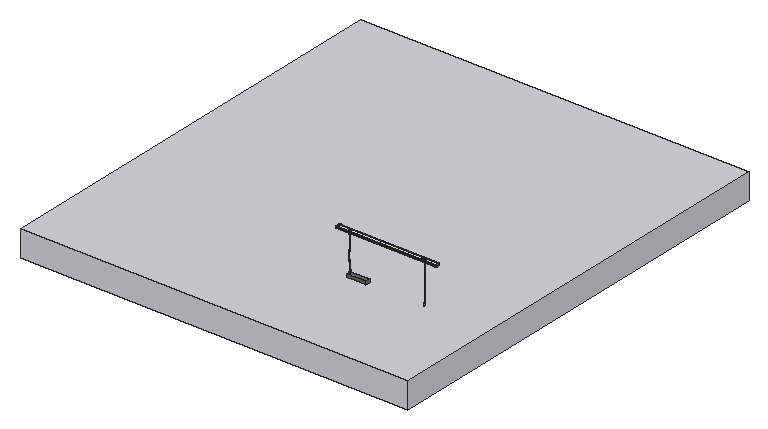
Revit family "ARKOSLIGHT_Divi direct initial & end", category Luminarias, Revit 2019
Family settings
  Anfitrión = Cara
  Cota de conector redondo = Diámetro de uso
  Tipo de pieza = Normal
  Corte con vacíos al cargar = No
  Origen de luz = No
  Compartido = No
  Punto de cálculo de habitación = No
Parameters (values of type "A5380111NT - DIVI DIRECT INITIAL & END 3000K NT")
  User cable length [instance] = 500 mm
  URL = "https://www.arkoslight.com/en/products/divi/?child=dividir"
  Modelo = ARKOSLIGHT_Model  # "DIVI"
  Fabricante = "ARKOSLIGHT"  # constant formula
  IES = IES : A5380111NT - DIVI DIRECT INITIAL & END 3000K NT
  Description = ""
  Cable length [instance] = if(User cable length > 2000 mm, 2000 mm, if(User cable length < 200 mm, 200 mm, User cable length))  # 500 mm
  ARKOSLIGHT_IP = "20"
  ARKOSLIGHT_Series = "DIVI DIRECT MODULE"  # constant formula
  ARKOSLIGHT_Dimming = "No Dim / DALI / Push"
  ARKOSLIGHT_Model = "DIVI"  # constant formula
  ARKOSLIGHT_Reference = "A5380111NT"
  ARKOSLIGHT_Luminous flux = 1650 lm
  ARKOSLIGHT_IES = "A538-01-1-1-NT DIVI DIRECT INITIAL - END 3000K CRI90.ies"
  ARKOSLIGHT_Color = "Textured black"
  ARKOSLIGHT_Canopy accessories [instance] = ARKOSLIGHT_Surface DALI Box 48V : A5380022NT - SURFACE DALI BOX 48V NT
  ARKOSLIGHT_Cable_Electric_Color = ARKOSLIGHT_Black
  ARKOSLIGHT_Cable_Color = ARKOSLIGHT_Black
  ARKOSLIGHT_Fixture Type = "CUSTOM SYSTEMS"  # constant formula
  ARKOSLIGHT_Efficiency = "51%"
  ARKOSLIGHT_CCT = 3000 K
  ARKOSLIGHT_CRI = "CRI>90"
  ARKOSLIGHT_Body_Secondary_Color = ARKOSLIGHT_Black
  ARKOSLIGHT_Beam Angle = 115.00°
  ARKOSLIGHT_Body_Color = ARKOSLIGHT_Textured black
  Default Elevation = 0 mm
  Carga aparente = ARKOSLIGHT_Apparent Load  # 13.5 VA
  ARKOSLIGHT_Apparent Load = 13.5 VA
Types (2, lengths in mm): name | IES | ARKOSLIGHT_Reference | ARKOSLIGHT_IES | ARKOSLIGHT_Color | ARKOSLIGHT_Canopy accessories | ARKOSLIGHT_Cable_Electric_Color | ARKOSLIGHT_Cable_Color | ARKOSLIGHT_Efficiency | ARKOSLIGHT_Body_Secondary_Color | ARKOSLIGHT_Body_Color
  A5380111NT - DIVI DIRECT INITIAL & END 3000K NT | IES : A5380111NT - DIVI DIRECT INITIAL & END 3000K NT | "A5380111NT" | "A538-01-1-1-NT DIVI DIRECT INITIAL - END 3000K CRI90.ies" | "Textured black" | ARKOSLIGHT_Surface DALI Box 48V : A5380022NT - SURFACE DALI BOX 48V NT | ARKOSLIGHT_Black | ARKOSLIGHT_Black | "51%" | ARKOSLIGHT_Black | ARKOSLIGHT_Textured black
  A5380111WT - DIVI DIRECT INITIAL & END 3000K WT | IES : A5380111WT - DIVI DIRECT INITIAL & END 3000K WT | "A5380111WT" | "A538-01-1-1-WT DIVI DIRECT INITIAL - END 3000K CRI90.ies" | "Textured white" | ARKOSLIGHT_Surface Remote Feed Kit 48V : A5380011NT - SURFACE REMOTE FEED KIT 48V NT | ARKOSLIGHT_Steel | ARKOSLIGHT_White | "58%" | ARKOSLIGHT_White | ARKOSLIGHT_Textured white
Reference planes
  plane 1 "Center (Front/Back)": y = 0
  plane 2: z = 0
  plane 3 "Center (Left/Right)": x = 0
  plane 4: x = 600
  plane 5: x = -600
  plane 6 "Bottom": z = 500
  plane 7: z = 467.929
  plane 8 "Right connector": x = 448
  plane 9 "Left connector": x = -448
  plane 10: x = -592.835
  plane 11: x = -599.5
  plane 12: x = -597.55
  plane 13: x = 592.8
  plane 14: x = 597.5
  plane 15: x = 599.5
  plane 16: y = 21.9
  plane 17: y = -21.9
  plane 18: x = -594.47
  plane 19: x = 594.47
  plane 20: z = 17.7
Forms (mm)
  Extrusion 1, solid
    sketch origin (0, 0, 0) x (1, 0, 0) y (0, 1, 0)
      loop
        line (-3414.25, 3876) -> (-3414.25, -1219.2) -> (1219.2, -1219.2) -> (1219.2, 3876) -> (-3414.25, 3876)
    from 0 to -304.8
  Sweep 2, solid, material "ARKOSLIGHT_Black" <- "ARKOSLIGHT_Cable_Electric_Color"
    path origin (402.809, 0, 0) x (1, 0, 0) y (0, 0, 1)
      loop
        spline (-850.809, 467.929) -> (-853.176, 423.151) -> (-849.806, 382.745) -> (-847.387, 355.351) -> (-849.616, 322.272) -> (-855.601, 280.078) -> (-861.892, 237.535) -> (-862.872, 200.523) -> (-856.682, 170.222) -> (-853.378, 137.064) -> (-852.302, 99.062) -> (-845.622, 64.428) -> (-850.809, 17.7)
    profile origin (-459.083, 0, 237.535) x (0.993472, 0, -0.114076) y (0, -1, 0)
      loop
        circle (0, 0) r 1.4
  Revolve 3, solid, material "ARKOSLIGHT_Textured black" <- "ARKOSLIGHT_Body_Color"
    sketch origin (-249.517, 0, 1966) x (1, 0, 0) y (0, 0, -1)
      loop
        line (698.717, 1940.969) -> (702.427, 1940.969) -> (702.427, 1966) -> (697.517, 1966) -> (697.517, 1936.471) -> (698.717, 1936.471) -> (698.717, 1940.969)
      axis (697.517, 1936.471) -> (697.517, 1966)
    angle from 0 to 360
  Revolve 4, solid, material "ARKOSLIGHT_Textured black" <- "ARKOSLIGHT_Body_Color"
    sketch origin (-1126.217, 0, 1966) x (1, 0, 0) y (0, 0, -1)
      loop
        line (678.217, 1496.269) -> (681.935, 1496.269) -> (681.935, 1497.937) -> (683.207, 1497.937) -> (683.207, 1510.49) -> (678.217, 1510.49) -> (678.217, 1496.269)
      axis (678.217, 1496.269) -> (678.217, 1510.49)
    angle from 0 to 360
  Extrusion 5, solid, material "ARKOSLIGHT_Textured black" <- "ARKOSLIGHT_Body_Color"
    sketch origin (-600, -221.408, 1219.2) x (0, -1, 0) y (0, 0, -1)
      loop
        line (-199.508, 719.2) -> (-199.508, 729.371)
        arc (-199.508, 729.371) -> (-221.408, 751.271) -> (-243.308, 729.371) r 21.9
        line (-243.308, 729.371) -> (-243.308, 719.2) -> (-241.808, 719.2) -> (-241.808, 729.371)
        arc (-241.808, 729.371) -> (-221.408, 749.771) -> (-201.008, 729.371) r 20.4
        line (-201.008, 729.371) -> (-201.008, 719.2) -> (-199.508, 719.2)
    from 0 to 1200
  Extrusion 6, solid, material "ARKOSLIGHT_Black" <- "ARKOSLIGHT_Body_Secondary_Color"
    sketch origin (-599.5, -221.408, 1219.2) x (0, -1, 0) y (0, 0, -1)
      loop
        line (-201.308, 719.2) -> (-201.308, 729.371)
        arc (-201.308, 729.371) -> (-221.408, 749.471) -> (-241.508, 729.371) r 20.1
        line (-241.508, 729.371) -> (-241.508, 719.2) -> (-201.308, 719.2)
    from 0 to 1.95
  Extrusion 7, solid, material "ARKOSLIGHT_Black" <- "ARKOSLIGHT_Body_Secondary_Color"
    sketch origin (-599.5, -221.408, 1219.2) x (0, -1, 0) y (0, 0, -1)
      loop
        line (-201.318, 719.2) -> (-201.318, 720.552) -> (-241.497, 720.552) -> (-241.497, 719.2) -> (-201.318, 719.2)
    from 0 to 6.665
  Extrusion 8, solid, material "ARKOSLIGHT_Black" <- "ARKOSLIGHT_Body_Secondary_Color"
    sketch origin (599.5, -221.408, 1219.2) x (0, -1, 0) y (0, 0, 1)
      loop
        line (-201.308, -719.2) -> (-241.508, -719.2) -> (-241.508, -729.371)
        arc (-241.508, -729.371) -> (-221.408, -749.471) -> (-201.308, -729.371) r 20.1
        line (-201.308, -729.371) -> (-201.308, -719.2)
    from 0 to 2
  Extrusion 9, solid, material "ARKOSLIGHT_Black" <- "ARKOSLIGHT_Body_Secondary_Color"
    sketch origin (599.5, -221.408, 1219.2) x (0, -1, 0) y (0, 0, 1)
      loop
        line (-201.318, -719.2) -> (-241.497, -719.2) -> (-241.497, -720.552) -> (-201.318, -720.552) -> (-201.318, -719.2)
    from 0 to 6.7
  Extrusion 10, solid, material "ARKOSLIGHT_Light"
    sketch origin (-594.47, -221.408, 1219.2) x (0, -1, 0) y (0, 0, -1)
      loop
        line (-241.497, 720.787) -> (-201.012, 720.787) -> (-201.012, 722.287) -> (-241.497, 722.287) -> (-241.497, 720.787)
    from 0 to 1188.94
  Revolve 11, void
    sketch origin (0, 0, 0) x (1, 0, 0) y (0, 0, 1)
      loop
        line (448, 496.913) -> (460.4, 496.913) -> (460.394, 498.413) -> (448, 498.413) -> (448, 496.913)
      axis (448, 496.913) -> (448, 498.413)
    angle from 0 to 360
  Revolve 12, solid, material "ARKOSLIGHT_White"
    sketch origin (0, 0, 0) x (1, 0, 0) y (0, 0, 1)
      loop
        line (448, 493.02) -> (448, 484.52) -> (461.53, 484.52) -> (461.53, 496.97) -> (458.537, 496.97) -> (458.537, 498.47) -> (457.589, 498.47) -> (457.589, 486.97) -> (453.978, 486.97) -> (453.978, 493.02) -> (448, 493.02)
      axis (448, 484.52) -> (448, 498.47)
    angle from 0 to 360
  Extrusion 13, solid, material "ARKOSLIGHT_Black" <- "ARKOSLIGHT_Cable_Color"
    sketch origin (0, 0, 0) x (1, 0, 0) y (0, 1, 0)
      loop
        circle (448, 0) r 0.3
    from 29.529 to 467.929
  Revolve 14, void
    sketch origin (-896, 0, 0) x (1, 0, 0) y (0, 0, 1)
      loop
        line (448, 496.913) -> (460.4, 496.913) -> (460.4, 498.413) -> (448, 498.413) -> (448, 496.913)
      axis (448, 496.913) -> (448, 498.413)
    angle from 0 to 360
  Revolve 15, solid, material "ARKOSLIGHT_White"
    sketch origin (-896, 0, 0) x (1, 0, 0) y (0, 0, 1)
      loop
        line (448, 493.02) -> (448, 484.52) -> (461.53, 484.52) -> (461.53, 496.97) -> (458.537, 496.97) -> (458.537, 498.47) -> (457.589, 498.47) -> (457.589, 486.97) -> (453.978, 486.97) -> (453.978, 493.02) -> (448, 493.02)
      axis (448, 484.52) -> (448, 498.47)
    angle from 0 to 360
Cuts and joins
  joined: Extrusion 6, Extrusion 7
  Revolve 11, Revolve 14 cuts Extrusion 10
  joined: Extrusion 8, Extrusion 9
Lines and regions (mm)
  symbolic lines, style "LightingFixturesHiddenLines"
    curve 1: line (435.631, 0, 500) -> (460.322, 0, 500)
    curve 2: line (448, -12.369, 500) -> (448, 12.316, 500)
Dimensions and locks
  locked: plane 5 to plane 4 at 1200
  "Cable length": plane 6 "Bottom" to plane 2
  equal spacing: plane 5, plane 3 "Center (Left/Right)", plane 4
  locked: plane 6 "Bottom" to plane 7 at 32.071
  locked: plane 5 to plane 11 at 0.5
  locked: plane 5 to plane 12 at 2.45
  locked: plane 5 to plane 10 at 7.165
  locked: plane 15 to plane 4 at 0.5
  locked: plane 14 to plane 4 at 2.5
  locked: plane 13 to plane 4 at 7.2
  locked: Revolve 3 sketch curve to plane 2 at 25.031
  locked: Revolve 3 sketch curve to plane 2 at 29.529
  locked: plane 8 "Right connector" to Revolve 3 sketch curve at 1.2
  locked: plane 8 "Right connector" to Revolve 3 sketch curve at 4.91
  equal spacing: plane 17, plane 1 "Center (Front/Back)", plane 16
  locked: plane 16 to plane 17 at 43.8
  locked: plane 17 to Extrusion 5 sketch curve at 1.5
  locked: Extrusion 5 sketch curve to plane 16 at 1.5
  locked: Extrusion 6 sketch curve to plane 16 at 1.8
  locked: plane 17 to Extrusion 6 sketch curve at 1.8
  locked: Extrusion 7 sketch curve to plane 17 at 1.81
  locked: plane 16 to Extrusion 7 sketch curve at 1.81
  locked: plane 6 "Bottom" to Extrusion 7 sketch curve at 1.352
  locked: plane 6 "Bottom" to Extrusion 9 sketch curve at 1.352
  locked: plane 16 to Extrusion 9 sketch curve at 1.81
  locked: Extrusion 9 sketch curve to plane 17 at 1.81
  locked: plane 16 to Extrusion 8 sketch curve at 1.8
  locked: Extrusion 8 sketch curve to plane 17 at 1.8
  locked: Extrusion 10 sketch curve to plane 17 at 1.505
  locked: plane 16 to Extrusion 10 sketch curve at 1.81
  locked: plane 6 "Bottom" to Extrusion 10 sketch curve at 1.587
  locked: plane 6 "Bottom" to Extrusion 10 sketch curve at 3.087
  locked: plane 5 to plane 18 at 5.53
  locked: plane 19 to plane 4 at 5.53
  locked: Extrusion 13 to plane 2 at 29.529
  locked: Revolve 4 sketch curve to plane 7 at 1.801
  locked: Revolve 4 sketch curve to Revolve 4 sketch curve at 4.99
  locked: Revolve 4 sketch curve to Revolve 4 sketch curve at 3.718
  locked: plane 7 to Revolve 4 sketch curve at 12.419
  locked: plane 20 to plane 2 at 17.7
  locked: plane 9 "Left connector" to plane 8 "Right connector" at 896
  equal spacing: plane 9 "Left connector", plane 3 "Center (Left/Right)", plane 8 "Right connector"
  locked: Revolve 14 sketch curve to plane 9 "Left connector" at 12.4
  locked: Revolve 15 sketch curve to plane 9 "Left connector" at 13.53
  locked: Revolve 15 sketch curve to plane 9 "Left connector" at 5.978
  locked: Revolve 15 sketch curve to plane 9 "Left connector" at 9.589
  locked: Revolve 15 sketch curve to plane 9 "Left connector" at 10.537
  aligned and locked: plane 2 to Extrusion 1
  aligned and locked: level to Extrusion 1
  aligned and locked: plane 7 to Sweep 2 sketch curve
  aligned and locked: plane 8 "Right connector" to Revolve 3 sketch curve
  aligned and locked: Revolve 3 sketch curve to plane 8 "Right connector"
  aligned and locked: Revolve 4 sketch curve to Revolve 4 sketch curve
  aligned and locked: plane 17 to Extrusion 5 sketch curve
  aligned and locked: Extrusion 5 sketch curve to plane 16
  aligned and locked: Extrusion 5 sketch curve to plane 6 "Bottom"  (x2)
  aligned and locked: Extrusion 5 to plane 4
  aligned and locked: Extrusion 5 to plane 5
  aligned and locked: Extrusion 6 sketch curve to plane 6 "Bottom"
  aligned and locked: plane 12 to Extrusion 6
  aligned and locked: plane 6 "Bottom" to Extrusion 7 sketch curve
  aligned and locked: plane 10 to Extrusion 7
  aligned and locked: plane 13 to Extrusion 9
  aligned and locked: plane 6 "Bottom" to Extrusion 9 sketch curve
  aligned and locked: plane 14 to Extrusion 8
  aligned and locked: plane 6 "Bottom" to Extrusion 8 sketch curve
  aligned and locked: Extrusion 10 to plane 19
  aligned and locked: Revolve 11 sketch curve to plane 8 "Right connector"  (x2)
  aligned and locked: plane 1 "Center (Front/Back)" to Extrusion 13 sketch curve
  aligned and locked: plane 7 to Extrusion 13
  aligned and locked: plane 9 "Left connector" to Sweep 2 sketch curve
  aligned and locked: plane 20 to Sweep 2 sketch curve
  aligned and locked: Revolve 4 sketch curve to plane 9 "Left connector"
  aligned and locked: plane 1 "Center (Front/Back)" to curve 1
  aligned and locked: curve 2 to plane 8 "Right connector"
  aligned and locked: plane 9 "Left connector" to nested 1
  aligned and locked: plane 1 "Center (Front/Back)" to nested 1
  aligned and locked: Revolve 14 sketch curve to plane 9 "Left connector"
  aligned and locked: plane 9 "Left connector" to Revolve 14 sketch curve
  aligned and locked: Revolve 15 sketch curve to plane 9 "Left connector"  (x2)
Automatic sketch dimensions
  Extrusion 1 sketch curve to Extrusion 1 sketch curve = 4633.45 mm
  Extrusion 1 sketch curve to Extrusion 1 sketch curve = 5095.2 mm
  Sweep 2 sketch curve to plane 1 "Center (Front/Back)" = 0 mm
  Sweep 2 sketch curve to profile plane = 0 mm
  Revolve 3 sketch curve to level = 0 mm
  Revolve 3 sketch curve to plane 6 "Bottom" = 270.8 mm
  level to Revolve 3 sketch curve = 1448.333 mm
  Revolve 4 sketch curve to plane 7 = 0.134 mm
  Revolve 4 sketch curve to plane 6 "Bottom" = 270.8 mm
  level to Revolve 4 sketch curve = 1448.333 mm
  Extrusion 5 sketch curve to Extrusion 5 sketch curve = 0 mm
  Extrusion 5 sketch curve to Extrusion 5 sketch curve = 10.171 mm
  Extrusion 6 sketch curve to Extrusion 6 sketch curve = 10.171 mm
  Extrusion 8 sketch curve to plane 6 "Bottom" = 10.171 mm
  Revolve 11 sketch curve to plane 6 "Bottom" = 1.587 mm
  Revolve 11 sketch curve to plane 8 "Right connector" = 12.394 mm
  Revolve 11 sketch curve to Revolve 11 sketch curve = 0.006 mm
  Revolve 11 sketch curve to Revolve 11 sketch curve = 1.5 mm
  Revolve 11 sketch curve to level = 304.8 mm
  plane 6 "Bottom" to Revolve 11 sketch curve = 2225.9 mm
  plane 8 "Right connector" to Revolve 12 sketch curve = 0 mm  (x2)
  Revolve 12 sketch curve to plane 8 "Right connector" = 5.978 mm
  Revolve 12 sketch curve to Revolve 12 sketch curve = 3.611 mm
  Revolve 12 sketch curve to Revolve 12 sketch curve = 0.948 mm
  Revolve 12 sketch curve to Revolve 12 sketch curve = 3.941 mm
  Revolve 12 sketch curve to plane 6 "Bottom" = 15.48 mm
  Revolve 12 sketch curve to Revolve 12 sketch curve = 2.45 mm
  Revolve 12 sketch curve to plane 6 "Bottom" = 6.98 mm
  Revolve 12 sketch curve to plane 6 "Bottom" = 3.03 mm
  Revolve 12 sketch curve to plane 6 "Bottom" = 1.53 mm
  Revolve 12 sketch curve to level = 304.8 mm
  plane 6 "Bottom" to Revolve 12 sketch curve = 2225.9 mm
  Extrusion 13 sketch curve to plane 8 "Right connector" = 0 mm
  curve 1 to plane 8 "Right connector" = 12.322 mm
  plane 8 "Right connector" to curve 1 = 12.369 mm
  curve 2 to plane 16 = 9.584 mm
  curve 2 to plane 17 = 9.531 mm
  Revolve 15 sketch curve to plane 6 "Bottom" = 15.48 mm
  Revolve 15 sketch curve to Revolve 15 sketch curve = 2.45 mm
  Revolve 15 sketch curve to plane 6 "Bottom" = 6.98 mm
  Revolve 15 sketch curve to plane 6 "Bottom" = 3.03 mm
  Revolve 15 sketch curve to plane 6 "Bottom" = 1.53 mm
  Revolve 15 sketch curve to level = 304.8 mm
  plane 6 "Bottom" to Revolve 15 sketch curve = 2225.9 mm
  Revolve 14 sketch curve to Revolve 14 sketch curve = 1.5 mm
  Revolve 14 sketch curve to level = 304.8 mm
  Revolve 14 sketch curve to plane 6 "Bottom" = 1.587 mm
  Revolve 14 sketch curve to Revolve 14 sketch curve = 2227.487 mm
  radius of Sweep 2 sketch curve = 1.4 mm
  radius of Extrusion 13 sketch curve = 0.3 mm
Nested families
  nested 1: "ARKOSLIGHT_Surface DALI Box 48V" at (-448, 0, 0), type <- "ARKOSLIGHT_Canopy accessories", type "A5380022NT - SURFACE DALI BOX 48V NT"
  nested 2: "IES" at (0, 0, 500) x (-1, 0, 0) z (0, 0, 1), type <- "IES", type "A5380111NT - DIVI DIRECT INITIAL & END 3000K NT"
Connectors
  electrical at (0, 0, 0), driven by "Carga aparente"
    settings: on Extrusion 1, index 1, voltage 230 V, apparent load 0 VA, apparent load phase1 13.5 VA, apparent load phase2 0 VA, apparent load phase3 0 VA, power factor 1, load classification "Lighting", number of poles 1, system type 31, power factor state 1, is connector primary yes, connector utility no, sub classification motor no, connector description ""
Definition of nested family "ARKOSLIGHT_Surface DALI Box 48V"
  Parameters (values of type "A5380022NT - SURFACE DALI BOX 48V NT")
    Width = 48 mm  # constant formula
    URL = ""
    Model = ARKOSLIGHT_Model  # "DIVI SURFACE"
    Manufacturer = "ARKOSLIGHT"  # constant formula
    Length = 232 mm  # constant formula
    Height = 36 mm  # constant formula
    Description = ""
    Apparent Load = 0 VA
    ARKOSLIGHT_Series = "DIVI SURFACE DALI BOX 48V"  # constant formula
    ARKOSLIGHT_Model = "DIVI SURFACE"  # constant formula
    ARKOSLIGHT_Reference = "A5380022NT"
    ARKOSLIGHT_Color = "Textured black"
    ARKOSLIGHT_Fixture Type = "SURFACE"  # constant formula
    ARKOSLIGHT_Body_Color = none
    Default Elevation = 0 mm
  Types (2, lengths in mm): name | ARKOSLIGHT_Reference | ARKOSLIGHT_Color
    A5380022NT - SURFACE DALI BOX 48V NT | "A5380022NT" | "Textured black"
    A5380022WT - SURFACE DALI BOX 48V WT | "A5380022WT" | "Textured white"
  Reference planes
    plane 1 "Center (Front/Back)": y = 0
    plane 2: z = 0
    plane 3 "Center (Left/Right)": x = 0
    plane 4 "Back": y = 24
    plane 5 "Front": y = -24
    plane 6 "Top": z = 36
    plane 7 "Left": x = -16.812
    plane 8 "Right": x = 215.188
  Forms (mm)
    Extrusion 1, solid
      sketch origin (0, 0, 0) x (1, 0, 0) y (0, 1, 0)
        loop
          line (-3414.25, 3876) -> (-3414.25, -1219.2) -> (1219.2, -1219.2) -> (1219.2, 3876) -> (-3414.25, 3876)
      from 0 to -304.8
    Extrusion 2, solid, material <- "ARKOSLIGHT_Body_Color"
      sketch origin (831.609, 0, 0) x (1, 0, 0) y (0, 1, 0)
        loop
          line (-848.42, 24) -> (-848.42, -24) -> (-616.42, -24) -> (-616.42, 24) -> (-848.42, 24)
      from 0 to 36
    Extrusion 3, solid, material <- "ARKOSLIGHT_Body_Color"
      sketch origin (831.609, 0, 36) x (1, 0, 0) y (0, 1, 0)
        loop
          circle (-831.609, 0) r 6
      from 0 to 11.5
  Cuts and joins
    joined: Extrusion 2, Extrusion 3
  Dimensions and locks
    equal spacing: plane 5 "Front", plane 1 "Center (Front/Back)", plane 4 "Back"
    "Width": plane 4 "Back" to plane 5 "Front"
    "Height": plane 6 "Top" to plane 2
    locked: cut or joined group of Extrusion 2, Extrusion 3 to plane 6 "Top" at 11.5
    locked: plane 7 "Left" to plane 3 "Center (Left/Right)" at 16.812
    "Length": plane 7 "Left" to plane 8 "Right"
    aligned and locked: plane 2 to Extrusion 1
    aligned and locked: level to Extrusion 1
    aligned and locked: Extrusion 2 to plane 2
    aligned and locked: Extrusion 3 to Extrusion 2
    aligned and locked: plane 4 "Back" to cut or joined group of Extrusion 2, Extrusion 3
    aligned and locked: plane 5 "Front" to cut or joined group of Extrusion 2, Extrusion 3
    aligned and locked: plane 1 "Center (Front/Back)" to Extrusion 3 sketch curve
    aligned and locked: plane 3 "Center (Left/Right)" to Extrusion 3 sketch curve
    aligned and locked: Extrusion 2 sketch curve to plane 4 "Back"
    aligned and locked: Extrusion 2 sketch curve to plane 5 "Front"
    aligned and locked: plane 6 "Top" to cut or joined group of Extrusion 2, Extrusion 3
    aligned and locked: Extrusion 2 sketch curve to plane 7 "Left"
    aligned and locked: plane 8 "Right" to Extrusion 2 sketch curve
  Automatic sketch dimensions
    Extrusion 1 sketch curve to Extrusion 1 sketch curve = 4633.45 mm
    Extrusion 1 sketch curve to Extrusion 1 sketch curve = 5095.2 mm
    radius of Extrusion 3 sketch curve = 6 mm
Definition of nested family "IES"
  Parameters (values of type "A5380131WT - DIVI DIRECT END 3000K WT")
    Wattage = 9.2903 W
    built-in parameter 1150110 = 1 (stored number, unit not read)
    URL = "https://www.arkoslight.com/en/products/divi/?child=dividir"
    built-in parameter 1114217 = 1 (stored number, unit not read)
    built-in parameter 1150109 = 1 (stored number, unit not read)
    built-in parameter 1150134 = 3
    built-in parameter 1150113 = 1 (stored number, unit not read)
    Model = ARKOSLIGHT_Model  # "DIVI"
    Manufacturer = "ARKOSLIGHT"  # constant formula
    built-in parameter 1150105 = 439.27 (stored number, unit not read)
    Lumens = 1380 lm
    built-in parameter 1150115 = 1 (stored number, unit not read)
    Light Source Symbol Size = 50 mm  # constant formula
    built-in parameter 1150137 = (empty or 0)
    built-in parameter 1150139 = (empty or 0)
    built-in parameter 1150112 = 1 (stored number, unit not read)
    built-in parameter 1150114 = 1 (stored number, unit not read)
    built-in parameter 1150132 = (empty or 0)
    built-in parameter 1150102 = (empty or 0)
    built-in parameter 1150107 = 3000 (stored number, unit not read)
    built-in parameter 1150138 = (empty or 0)
    built-in parameter 1150106 = 4.3927 (stored number, unit not read)
    Emit from Rectangle Width = 40.2 mm  # constant formula
    Emit from Rectangle Length = 1185.6 mm  # constant formula
    Emit Shape Visible in Rendering = no
    built-in parameter 1150104 = 13.8 (stored number, unit not read)
    Dimming Lamp Color Temperature Shift = (empty or 0)
    Description = ""
    Color Filter = 16777215
    built-in parameter 1114218 = 1 (stored number, unit not read)
    built-in parameter 1150133 = 10 (stored number, unit not read)
    ARKOSLIGHT_IP = "20"
    ARKOSLIGHT_Series = "DIVI DIRECT MODULE"  # constant formula
    ARKOSLIGHT_Dimming = "No Dim / DALI / Push"
    ARKOSLIGHT_Model = "DIVI"  # constant formula
    ARKOSLIGHT_Reference = "A5380131WT"
    ARKOSLIGHT_Luminous flux = 1650 lm
    ARKOSLIGHT_IES = "A538-01-3-1-WT DIVI DIRECT END 3000K CRI90.ies"
    ARKOSLIGHT_Fixture Type = "CUSTOM SYSTEMS"  # constant formula
    ARKOSLIGHT_Efficiency = "58%"
    ARKOSLIGHT_CCT = 3000 K
    ARKOSLIGHT_CRI = "CRI>90"
    ARKOSLIGHT_Beam Angle = 115.00°
    Default Elevation = 0 mm
    Apparent Load = ARKOSLIGHT_Apparent Load  # 13.5 VA
    ARKOSLIGHT_Apparent Load = 13.5 VA
  Types (8, lengths in mm): name | ARKOSLIGHT_Reference | ARKOSLIGHT_IES | ARKOSLIGHT_Efficiency
    A5380101NT - DIVI DIRECT INITIAL 3000K NT | "A5380101NT" | "A538-01-0-1-NT DIVI DIRECT INITIAL 3000K CRI90.ies" | "51%"
    A5380101WT - DIVI DIRECT INITIAL 3000K WT | "A5380101WT" | "A538-01-0-1-WT DIVI DIRECT INITIAL 3000K CRI90.ies" | "58%"
    A5380111NT - DIVI DIRECT INITIAL & END 3000K NT | "A5380111NT" | "A538-01-1-1-NT DIVI DIRECT INITIAL - END 3000K CRI90.ies" | "51%"
    A5380111WT - DIVI DIRECT INITIAL & END 3000K WT | "A5380111WT" | "A538-01-1-1-WT DIVI DIRECT INITIAL - END 3000K CRI90.ies" | "58%"
    A5380121NT - DIVI DIRECT MIDDLE 3000K NT | "A5380121NT" | "A538-01-2-1-NT DIVI DIRECT MIDDLE 3000K CRI90.ies" | "51%"
    A5380121WT - DIVI DIRECT MIDDLE 3000K WT | "A5380121WT" | "A538-01-2-1-WT DIVI DIRECT MIDDLE 3000K CRI90.ies" | "58%"
    A5380131NT - DIVI DIRECT END 3000K NT | "A5380131NT" | "A538-01-3-1-NT DIVI DIRECT END 3000K CRI90.ies" | "51%"
    A5380131WT - DIVI DIRECT END 3000K WT | "A5380131WT" | "A538-01-3-1-WT DIVI DIRECT END 3000K CRI90.ies" | "58%"
  Reference planes
    plane 1 "Center (Front/Back)": y = 0
    plane 2: z = 0
    plane 3 "Center (Left/Right)": x = 0
    plane 4: x = 600
    plane 5: x = -600
    plane 6: x = -592.835
    plane 7: x = 592.8
    plane 8: y = 21.9
    plane 9: y = -21.9
    plane 10: y = 20.1
    plane 11: y = -20.1
  Forms (mm)
    Extrusion 1, solid
      sketch origin (0, 0, 0) x (1, 0, 0) y (0, 1, 0)
        loop
          line (-3414.25, 3876) -> (-3414.25, -1219.2) -> (1219.2, -1219.2) -> (1219.2, 3876) -> (-3414.25, 3876)
      from 0 to -304.8
  Dimensions and locks
    locked: plane 5 to plane 4 at 1200
    equal spacing: plane 5, plane 3 "Center (Left/Right)", plane 4
    locked: plane 5 to plane 6 at 7.165
    locked: plane 7 to plane 4 at 7.2
    equal spacing: plane 9, plane 1 "Center (Front/Back)", plane 8
    locked: plane 8 to plane 9 at 43.8
    locked: plane 8 to plane 10 at 1.8
    locked: plane 9 to plane 11 at 1.8
    plane 11 to plane 10 = 40.2 mm
    aligned and locked: plane 2 to Extrusion 1
    aligned and locked: level to Extrusion 1
  Automatic sketch dimensions
    Extrusion 1 sketch curve to Extrusion 1 sketch curve = 4633.45 mm
    Extrusion 1 sketch curve to Extrusion 1 sketch curve = 5095.2 mm
